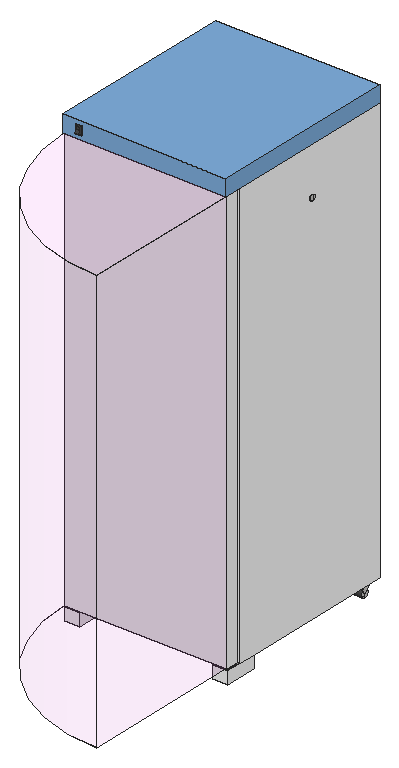
Revit family "QF_Summit_ACR1321W_24_Wide_Upright_Healthcare_Refrigerator", category Specialty Equipment, Revit 2020
Family settings
  Round Connector Dimension = Use Diameter
  Part Type = Normal
  Work Plane-Based = No
  Always vertical = Yes
  Cut with Voids When Loaded = No
  Shared = No
  Room Calculation Point = No
Parameters
  Weight in Pounds = 130
  Watts = Volts * FL Amps  # 230 W
  Volts = 115 V
  URL Cutsheet = ""
  Specification by User = ""
  Specification by Manufacturer = ""
  Show Right Hand Door [instance] = yes
  Show Left Hand Door [instance] = not(Show Right Hand Door)  # no
  Show Clearance [instance] = yes
  Serial Number = ""
  Seismic Rating = ""
  SMACNA No = ""
  Revision Code = ""
  Refrigerant Type = "R600a"
  Phase = 1
  Number of Poles = 1
  NAFEM Spec ID Number = ""
  Model = "ACR1321W"
  Min Ckt Ampacity = 0 A
  Max Overcurrent Protection = 0 A
  Masterspec = ""
  Manufacturer = "Summit"
  Length = 23.38"
  Item Number = ""
  Installed By = ""
  Identify Quantity as Lot = yes
  Height = 64.88"
  HP = ""
  Furnished By = ""
  Foodservice Equipment Identifier = yes
  FL Amps = 2 A
  Electrical Remarks = ""
  Electric Connection Type = ""
  Elec Conn RI Height = 0"
  Elec Conn Connection Height = 0"
  Description = "24\" Wide Upright Healthcare Refrigerator"
  Depth = 28 1/8"
  Default Elevation = 0"
  Cycle = 60 Hz
  Conn Plug = ""
  Conn Conduit = yes
  CSI MasterFormat = ""
  Apparent Power = 0 VA
Reference planes (in)
  plane 1 "BACK": y = 0
  plane 2: z = 0
  plane 3 "LEFT": x = 0
  plane 4 "RIGHT": x = 23.38
  plane 5 "FRONT": y = -28.125
  plane 6 "TOP": z = 64.88
  plane 7 "Center Y": x = 11.69
  plane 8 "Center X": y = -14.0625
Forms (in)
  Extrusion 1, solid, material "QF_Plastic_Light_Blue_Smooth"
    sketch origin (-38.39759, -180, 64.88) x (-1, 0, 0) y (0, -1, 0)
      loop
        line (-38.39759, -151.875) -> (-61.77759, -151.875) -> (-61.77759, -179.25) -> (-38.39759, -179.25) -> (-38.39759, -151.875)
    from 0 to -2.375
  Extrusion 2, solid, material "QF_Plastic_White_Smooth"
    sketch origin (0, 0, 0) x (0, 1, 0) y (0, 0, 1)
      loop
        line (-25.75, 62.505) -> (-25.75, 1.74779) -> (-0.75, 1.74779) -> (-0.75, 62.505) -> (-25.75, 62.505)
    from 0 to 23.38
  Extrusion 3, solid, material "QF_Plastic_White_Smooth"
    sketch origin (0, -19.875, 5) x (1, 0, 0) y (0, -1, 0)
      loop
        line (0.625, 6.375) -> (0.625, 5.875) -> (22.755, 5.875) -> (22.755, 6.375) -> (0.625, 6.375)
    from 2.50221 to -57
  Extrusion 4, solid, material "QF_Metal_Stainless_Polished"
    sketch origin (0, -0.75, 63.47492) x (0, 0, -1) y (-1, 0, 0)
      loop
        circle (59.94625, -22.29558) r 0.25
    from 0 to 0.03125
  Revolve 5, solid, material "QF_Metal_Stainless_Polished"
    sketch origin (0, -13, 49.00076) x (0, 0, 1) y (1, 0, 0)
      loop
        line (7.24924, 23.38) -> (7.24924, 23.63) -> (6.87424, 23.63) -> (6.87424, 23.38) -> (7.24924, 23.38)
      axis (6.87424, 23.38) -> (6.87424, 23.63)
    angle from 0 to 360
  Extrusion 6, solid, material "QF_Metal_Stainless_Polished"
    sketch origin (2.75, -5.78899, 48) x (0, -1, 0) y (0, 0, 1)
      loop
        line (-5.03899, 8.12953) -> (-5.78899, 8.12953) -> (-5.78899, -35.36826) -> (-5.03899, -35.36826) -> (-5.03899, 8.12953)
    from 0 to -18
  Extrusion 7, solid, material "QF_Plastic_White_Smooth"
    sketch origin (23.5, 0, 0) x (0, 1, 0) y (0, 0, -1)
      loop
        line (-23.25, -1.74779) -> (-23.25, 0) -> (-27.75, 0) -> (-27.75, -1.74779) -> (-23.25, -1.74779)
    from 0.12 to 2.375
  Extrusion 8, solid, material "QF_Plastic_White_Smooth"
    sketch origin (-0.12, 0, 0) x (0, 1, 0) y (0, 0, 1)
      loop
        line (-23.25, 1.74779) -> (-27.75, 1.74779) -> (-27.75, 0) -> (-23.25, 0) -> (-23.25, 1.74779)
    from 0.12 to 2.375
  Extrusion 9, solid, material "QF_Metal_Stainless_Polished"
    sketch origin (-2.83942, -28.125, 41.625) x (1, 0, 0) y (0, 0, 1)
      loop
        line (4.83942, 22.77799) -> (4.83942, 21.52799) -> (5.58942, 21.52799) -> (5.58942, 22.77799) -> (4.83942, 22.77799)
    from 0 to 0.06284
  Extrusion 10, solid, material "QF_Metal_Stainless_Polished"
    sketch origin (2.375, -187.125, 75.27299) x (0, 0, -1) y (0, -1, 0)
      loop
        line (11.495, -158.93716) -> (11.89901, -158.93716) -> (11.89901, -158.67814) -> (11.495, -158.86654) -> (11.09362, -158.86654) -> (11.09362, -158.93716) -> (11.495, -158.93716)
    from -0.28042 to 0.28363
Lines and regions (in)
  Split face 1
    outline origin (4.56, -28.125, 62.7575) x (0, 0, 1) y (-1, 0, 0)
      loop
        circle (0.9766, -7.13) r 0.5
  Split face 2
    outline origin (4.56, -28.125, 62.7575) x (0, 0, 1) y (-1, 0, 0)
      loop
        circle (0.9766, -7.13) r 0.25
  Split face 3
    outline origin (4.5, -28.125, 62.195) x (0, 0, 1) y (-1, 0, 0)
      loop
        line (2.10399, -11.23542) -> (0.85399, -11.23542) -> (0.85399, -14.48542) -> (2.10399, -14.48542) -> (2.10399, -11.23542)
  Split face 4
    outline origin (4.5, -28.125, 61.945) x (0, 0, 1) y (-1, 0, 0)
      loop
        line (2.60301, -14.95537) -> (0.85497, -14.95537) -> (0.85497, -18.45537) -> (2.60301, -18.45537) -> (2.60301, -14.95537)
  Split face 5
    outline origin (4.5, -28.125, 61.945) x (0, 0, 1) y (-1, 0, 0)
      loop
        line (2.33838, -15.41838) -> (1.08838, -15.41838) -> (1.08838, -18.01344) -> (2.33838, -18.01344) -> (2.33838, -15.41838)
  symbolic lines
    curve 1: line (0, -0.75, 0) -> (23.38, -0.75, 0)
    curve 2: line (0, -28.125, 0) -> (0, -0.75, 0)
    curve 3: line (23.38, -28.125, 0) -> (0, -28.125, 0)
    curve 4: line (23.38, -0.75, 0) -> (23.38, -28.125, 0)
    curve 5: line (2.75, 0, 0) -> (2.75, -0.75, 0)
    curve 6: line (20.75, 0, 0) -> (2.75, 0, 0)
    curve 7: line (20.75, -0.75, 0) -> (20.75, 0, 0)
    curve 8: line (11.315, -28.15625, 0) -> (11.315, -28.125, 0)
    curve 9: line (12.065, -28.15625, 0) -> (12.065, -28.125, 0)
    curve 10: line (12.065, -28.15625, 0) -> (11.315, -28.15625, 0)
    curve 11: line (2, -28.125, 0) -> (2, -28.18784, 0)
    curve 12: line (2, -28.18784, 0) -> (2.75, -28.18784, 0)
    curve 13: line (2.75, -28.18784, 0) -> (2.75, -28.125, 0)
    curve 14: line (2.09137, -28.18784, 0) -> (2.09137, -28.44686, 0)
    curve 15: line (2.65542, -28.44686, 0) -> (2.65542, -28.18784, 0)
    curve 16: line (2.65542, -28.44686, 0) -> (2.09137, -28.44686, 0)
    curve 17: line (2.09137, -28.25846, 0) -> (2.65542, -28.25846, 0)
Dimensions and locks (in)
  equal spacing: plane 3 "LEFT", plane 7 "Center Y", plane 4 "RIGHT"
  "Length": plane 3 "LEFT" to plane 4 "RIGHT"
  equal spacing: plane 5 "FRONT", plane 8 "Center X", plane 1 "BACK"
  "Depth": plane 5 "FRONT" to plane 1 "BACK"
  "Height": plane 6 "TOP" to level
  aligned and locked: level to plane 2
Automatic sketch dimensions
  Extrusion 1 sketch curve to plane 4 "RIGHT" = 0"
  Extrusion 1 sketch curve to plane 3 "LEFT" = 0"
  plane 5 "FRONT" to Extrusion 1 sketch curve = 0"
  plane 1 "BACK" to Extrusion 1 sketch curve = 3/4"
  Extrusion 2 sketch curve to plane 5 "FRONT" = 2 3/8"
  plane 1 "BACK" to Extrusion 2 sketch curve = 3/4"
  level to Extrusion 2 sketch curve = 1.74779"
  Extrusion 2 sketch curve to plane 6 "TOP" = 2 3/8"
  plane 3 "LEFT" to Extrusion 3 sketch curve = 5/8"
  plane 4 "RIGHT" to Extrusion 3 sketch curve = 5/8"
  Extrusion 3 sketch curve to plane 5 "FRONT" = 1 7/8"
  Extrusion 3 sketch curve to Extrusion 3 sketch curve = 1/2"
  Extrusion 2 to Extrusion 4 sketch curve = 1.78088"
  Extrusion 2 to Extrusion 4 sketch curve = 1.08442"
  plane 4 "RIGHT" to Revolve 5 sketch curve = 0"  (x2)
  Revolve 5 sketch curve to plane 6 "TOP" = 9.005"
  Revolve 5 sketch curve to Revolve 5 sketch curve = 3/8"
  Revolve 5 sketch curve to plane 4 "RIGHT" = 1/4"
  Revolve 5 sketch curve to Revolve 5 sketch curve = 0"
  Revolve 5 sketch curve to plane 4 "RIGHT" = 0.09237"
  Extrusion 6 sketch curve to plane 1 "BACK" = 0"
  plane 1 "BACK" to Extrusion 6 sketch curve = 3/4"
  level to Extrusion 6 sketch curve = 12.63174"
  Extrusion 6 sketch curve to plane 6 "TOP" = 8.75047"
  Extrusion 7 sketch curve to level = 0"
  Extrusion 7 sketch curve to plane 5 "FRONT" = 3/8"
  Extrusion 7 sketch curve to Extrusion 7 sketch curve = 4 1/2"
  level to Extrusion 7 sketch curve = 1.74779"
  Extrusion 8 sketch curve to level = 0"
  Extrusion 8 sketch curve to plane 5 "FRONT" = 3/8"
  Extrusion 8 sketch curve to Extrusion 8 sketch curve = 4 1/2"
  level to Extrusion 8 sketch curve = 1.74779"
  Split face 1 sketch curve to Extrusion 1 = 1.1459"
  Split face 1 sketch curve to Extrusion 1 = 11.69"
  Split face 2 sketch curve to Extrusion 1 = 1.1459"
  Split face 2 sketch curve to Extrusion 1 = 11.69"
  Split face 3 sketch curve to Extrusion 1 = 0.54399"
  Split face 3 sketch curve to Extrusion 1 = 0.58101"
  Split face 3 sketch curve to Extrusion 1 = 4.39458"
  Split face 3 sketch curve to Split face 3 sketch curve = 3 1/4"
  Split face 4 sketch curve to Extrusion 1 = 0.29497"
  Split face 4 sketch curve to Extrusion 1 = 0.33199"
  Split face 4 sketch curve to Extrusion 1 = 0.42463"
  Split face 4 sketch curve to Split face 4 sketch curve = 3 1/2"
  Split face 5 sketch curve to Extrusion 1 = 0.52838"
  Split face 5 sketch curve to Extrusion 1 = 0.59662"
  Split face 5 sketch curve to Extrusion 1 = 0.86656"
  Split face 5 sketch curve to Split face 5 sketch curve = 2.59507"
  plane 3 "LEFT" to Extrusion 9 sketch curve = 2"
  Extrusion 9 sketch curve to Extrusion 9 sketch curve = 3/4"
  Extrusion 9 sketch curve to plane 6 "TOP" = 1.72701"
  Extrusion 9 sketch curve to plane 6 "TOP" = 0.47701"
  plane 5 "FRONT" to Extrusion 10 sketch curve = 0.13346"
  Extrusion 10 sketch curve to plane 6 "TOP" = 0.70063"
  plane 5 "FRONT" to Extrusion 10 sketch curve = 0.06284"
  Extrusion 10 sketch curve to Extrusion 10 sketch curve = 0.40138"
  Extrusion 10 sketch curve to Extrusion 10 sketch curve = 0"
  Extrusion 10 sketch curve to Extrusion 10 sketch curve = 0.40401"
  Extrusion 10 sketch curve to Extrusion 10 sketch curve = 0.25902"
  curve 3 to plane 3 "LEFT" = 0"
  plane 5 "FRONT" to curve 11 = 0"
  plane 1 "BACK" to curve 5 = 0"
  curve 4 to plane 4 "RIGHT" = 0"
  plane 5 "FRONT" to curve 11 = 0.06284"
  plane 3 "LEFT" to curve 11 = 2"
  curve 11 to curve 14 = 0.09137"
  plane 5 "FRONT" to curve 16 = 0.32186"
  curve 14 to curve 16 = 0.56404"
  plane 3 "LEFT" to curve 5 = 2 3/4"
  curve 15 to curve 13 = 0.09458"
  plane 5 "FRONT" to curve 8 = 1/32"
  curve 8 to plane 7 "Center Y" = 3/8"
  plane 7 "Center Y" to curve 10 = 3/8"
  plane 4 "RIGHT" to curve 7 = 2.63"
  plane 1 "BACK" to curve 1 = 3/4"
  curve 17 to curve 14 = 0.07062"
  radius of Extrusion 4 sketch curve = 1/4"
  radius of Split face 1 sketch curve = 1/2"
  radius of Split face 2 sketch curve = 1/4"
Nested families (in)
  nested 1: "RHD AND LHD" at (0.065, -26.125, 0.26038), Show Clearance <- "Show Clearance", Show Left Hand Door <- "Show Left Hand Door", Show Right Hand Door <- "Show Right Hand Door", type "RHD AND LHD"
    with Show Right Hand Door yes, Show Left Hand Door no, Show Clearance yes, Right Hand Door yes, Left Hand Door no, Clearance yes
  nested 2: "2 INCHES_CASTER" at (22.3125, -3.21818, 0), type "2 INCHES_CASTER"
    with Type Mark "", Specification by User "", Revision Code "", Item Number "", Installed By "", Identify Quantity as Lot yes, Furnished By "", Foodservice Equipment Identifier yes, 2.5 Inches Caster yes
  nested 3: "2 INCHES_CASTER" at (1.1875, -3.21818, 0) x (-1, 0, 0) z (0, 0, 1), type "2 INCHES_CASTER"
    with Type Mark "", Specification by User "", Revision Code "", Item Number "", Installed By "", Identify Quantity as Lot yes, Furnished By "", Foodservice Equipment Identifier yes, 2.5 Inches Caster yes
Connectors (in)
  electrical at (22.29558, -0.71875, 3.52867), driven by "Volts", driven by "Watts"
    settings: on Extrusion 4, index 1, voltage 115 V, apparent load 230 VA, apparent load phase1 0 VA, apparent load phase2 0 VA, apparent load phase3 0 VA, power factor 1, load classification "Other", number of poles 1, system type 30, power factor state 1, is connector primary yes, connector utility no, sub classification motor no, connector description "ELECTRICAL CONNECTION"
Definition of nested family "RHD AND LHD"
  Parameters (values of type "RHD AND LHD")
    Weight in Pounds = 0
    URL Cutsheet = ""
    Specification by User = ""
    Specification by Manufacturer = ""
    Show Right Hand Door [instance] = yes
    Show Left Hand Door [instance] = yes
    Show Clearance [instance] = yes
    Serial Number = ""
    Seismic Rating = ""
    SMACNA No = ""
    Right Hand Door [instance] = Show Right Hand Door  # yes
    Revision Code = ""
    NAFEM Spec ID Number = ""
    Masterspec = ""
    Length = 23 1/4"
    Left Hand Door [instance] = Show Left Hand Door  # yes
    Item Number = ""
    Installed By = ""
    Identify Quantity as Lot = yes
    Height = 53.13"
    Furnished By = ""
    Foodservice Equipment Identifier = yes
    Depth = 1 3/4"
    Default Elevation = 0"
    Clearance [instance] = Show Clearance  # yes
    CSI MasterFormat = ""
  Reference planes (in)
    plane 1 "BACK": y = 0
    plane 2: z = 0
    plane 3 "LEFT": x = 0
    plane 4 "RIGHT": x = 23.25
    plane 5 "FRONT": y = -1.75
    plane 6 "TOP": z = 53.13
    plane 7 "Center Y": x = 11.625
    plane 8 "Center X": y = -0.875
  Dimensions and locks (in)
    equal spacing: plane 3 "LEFT", plane 7 "Center Y", plane 4 "RIGHT"
    "Length": plane 3 "LEFT" to plane 4 "RIGHT"
    equal spacing: plane 5 "FRONT", plane 8 "Center X", plane 1 "BACK"
    "Depth": plane 5 "FRONT" to plane 1 "BACK"
    "Height": plane 6 "TOP" to level
    aligned and locked: level to plane 2
  Nested families (in)
    nested 1: "RHD" at (0, 0, 0), Show Clearance <- "Show Clearance", Show Right Hand Door <- "Right Hand Door", visible <- "Right Hand Door", type "RHD"
      with Show Right Hand Door yes, Show Clearance yes, Right Hand Door yes, Clearance yes
    nested 2: "LHD" at (0, 0, 0), Show Clearance <- "Show Clearance", Show Left Hand Door <- "Left Hand Door", visible <- "Left Hand Door", type "LHD"
      with Show Left Hand Door yes, Show Clearance yes, Right Hand Door yes, Left Hand Door yes, Clearance yes
  Definition of nested family "RHD"
    Parameters (values of type "RHD")
      Weight in Pounds = 0
      URL Cutsheet = ""
      Specification by User = ""
      Specification by Manufacturer = ""
      Show Right Hand Door [instance] = yes
      Show Clearance [instance] = yes
      Serial Number = ""
      Seismic Rating = ""
      SMACNA No = ""
      Right Hand Door [instance] = Show Right Hand Door  # yes
      Revision Code = ""
      NAFEM Spec ID Number = ""
      Masterspec = ""
      Length = 23 1/4"
      Item Number = ""
      Installed By = ""
      Identify Quantity as Lot = yes
      Height = 64 225/256"
      Furnished By = ""
      Foodservice Equipment Identifier = yes
      Depth = 1 3/4"
      Default Elevation = 0"
      Clearance [instance] = Show Clearance  # yes
      CSI MasterFormat = ""
    Reference planes (in)
      plane 1 "BACK": y = 0
      plane 2: z = 0
      plane 3 "LEFT": x = 0
      plane 4 "RIGHT": x = 23.25
      plane 5 "FRONT": y = -1.75
      plane 6 "TOP": z = 64.87891
      plane 7 "Center Y": x = 11.625
      plane 8 "Center X": y = -0.875
      plane 9: z = 1.5
      plane 10: z = 62.50391
    Forms (in)
      Extrusion 1, solid, visible <- "Right Hand Door"
        sketch origin (-2.76448, -1.75, 48) x (-1, 0, 0) y (0, 0, 1)
          loop
            line (-2.82698, 14.12891) -> (-25.95198, 14.12891) -> (-25.95198, -46.24611) -> (-2.82698, -46.24611) -> (-2.82698, 14.12891)
        from 0 to 1.75
      Extrusion 2, solid, visible <- "Right Hand Door"
        sketch origin (0, -0.25, 20.0639) x (0, 1, 0) y (0, 0, 1)
          loop
            arc (0.125, 15.6275) -> (0.05178, 15.80428) -> (-0.125, 15.8775) r 0.25
            line (-0.125, 15.8775) -> (-1.125, 15.8775)
            arc (-1.125, 15.8775) -> (-1.30178, 15.80428) -> (-1.375, 15.6275) r 0.25
            line (-1.375, 15.6275) -> (-1.375, 8.1275)
            arc (-1.375, 8.1275) -> (-1.30178, 7.95072) -> (-1.125, 7.8775) r 0.25
            line (-1.125, 7.8775) -> (-0.125, 7.8775)
            arc (-0.125, 7.8775) -> (0.05178, 7.95072) -> (0.125, 8.1275) r 0.25
            line (0.125, 8.1275) -> (0.125, 15.6275)
          loop
            arc (-0.125, 15.12512) -> (-0.625, 15.62512) -> (-1.125, 15.12512) r 0.5
            line (-1.125, 15.12512) -> (-1.125, 8.6275)
            arc (-1.125, 8.6275) -> (-0.625, 8.1275) -> (-0.125, 8.6275) r 0.5
            line (-0.125, 8.6275) -> (-0.125, 15.12512)
        from 0 to 0.0625
      Extrusion 3, void
        sketch origin (0, -0.25, 20.0639) x (0, 1, 0) y (0, 0, 1)
          loop
            line (-0.125, 8.6275) -> (-0.125, 15.12512)
            arc (-0.125, 15.12512) -> (-0.625, 15.62512) -> (-1.125, 15.12512) r 0.5
            line (-1.125, 15.12512) -> (-1.125, 8.6275)
            arc (-1.125, 8.6275) -> (-0.625, 8.1275) -> (-0.125, 8.6275) r 0.5
        from 0 to 0.33876
      Extrusion 4, solid, visible <- "Clearance"
        sketch origin (23.1875, -1.75, 1.75389) x (0, 1, 0) y (1, 0, 0)
          loop
            line (0, -23.125) -> (0, 0) -> (-23.125, 0)
            arc (-23.125, 0) -> (-16.35184, -16.35184) -> (0, -23.125) r 23.125
        from 0 to -60.37501
      Revolve 5, solid, visible <- "Right Hand Door"
        sketch origin (22.75, -163.625, 20.255) x (0, 0, 1) y (0, -1, 0)
          loop
            line (41.87391, -162.75) -> (41.87391, -163) -> (41.98962, -163) -> (41.98962, -162.75) -> (41.87391, -162.75)
          axis (41.98962, -162.75) -> (41.87391, -162.75)
        angle from 0 to 360
      Extrusion 6, solid, visible <- "Right Hand Door"
        sketch origin (18.75, 0.5, 1.50389) x (-1, 0, 0) y (0, 0, -1)
          loop
            line (-3.5625, -0.15066) -> (-3.5625, -0.08986) -> (-4.4375, -0.08986) -> (-4.4375, -0.15066) -> (-3.5625, -0.15066)
        from 0 to 1.84933
      Revolve 7, solid, visible <- "Right Hand Door"
        sketch origin (22.75, -163.625, 1.75389) x (0, 0, 1) y (0, -1, 0)
          loop
            line (-0.09934, -162.75) -> (-0.09934, -163) -> (0, -163) -> (0, -162.75) -> (-0.09934, -162.75)
          axis (0, -162.75) -> (-0.09934, -162.75)
        angle from 0 to 360
    Cuts and joins
      Extrusion 3 cuts Extrusion 1
      Extrusion 3 cuts Extrusion 2
    Lines and regions (in)
      symbolic lines, visible <- "Clearance"
        curve 1: arc (3.26979, -13.49949, 0) -> (0.87873, -7.83969, 0) -> (0.0625, -1.75, 0) r 23.125
        curve 2: line (23.1875, -2, 0) -> (3.26979, -13.49949, 0)
    Dimensions and locks (in)
      equal spacing: plane 3 "LEFT", plane 7 "Center Y", plane 4 "RIGHT"
      "Length": plane 3 "LEFT" to plane 4 "RIGHT"
      equal spacing: plane 5 "FRONT", plane 8 "Center X", plane 1 "BACK"
      "Depth": plane 5 "FRONT" to plane 1 "BACK"
      "Height": plane 6 "TOP" to level
      plane 10 to Revolve 5 = 0.25929"
      aligned and locked: level to plane 2
    Automatic sketch dimensions
      plane 4 "RIGHT" to Extrusion 1 sketch curve = 1/16"
      plane 3 "LEFT" to Extrusion 1 sketch curve = 1/16"
      level to Extrusion 1 sketch curve = 1 193/256"
      Extrusion 1 sketch curve to plane 6 "TOP" = 2 3/4"
      Extrusion 2 sketch curve to Extrusion 2 sketch curve = 1/4"  (x3)
      Extrusion 2 sketch curve to Extrusion 2 sketch curve = 1/2"  (x3)
      Extrusion 2 sketch curve to Extrusion 2 sketch curve = 0"  (x2)
      level to Extrusion 2 sketch curve = 27 241/256"
      Extrusion 2 sketch curve to Extrusion 2 sketch curve = 6.49762"
      Extrusion 2 sketch curve to Extrusion 2 sketch curve = 0.50238"
      Extrusion 3 sketch curve to Extrusion 3 sketch curve = 1/2"
      level to Extrusion 3 sketch curve = 28 177/256"
      Extrusion 3 sketch curve to Extrusion 3 sketch curve = 6.49762"
      Extrusion 4 sketch curve to Extrusion 1 = 0"  (x2)
      Extrusion 1 to Extrusion 4 sketch curve = 0"
      Extrusion 2 sketch curve to plane 5 "FRONT" = 1/8"
      Extrusion 3 sketch curve to plane 5 "FRONT" = 3/8"
      Revolve 5 sketch curve to plane 8 "Center X" = 0"  (x2)
      Revolve 5 sketch curve to plane 6 "TOP" = 2 3/4"
      Revolve 5 sketch curve to Revolve 5 sketch curve = 0.11571"
      Revolve 5 sketch curve to Revolve 5 sketch curve = 1/4"
      Revolve 5 sketch curve to Revolve 5 sketch curve = 0.12043"
      Revolve 5 sketch curve to Revolve 5 sketch curve = 0.00929"
      plane 4 "RIGHT" to Extrusion 6 sketch curve = 1/16"
      Extrusion 6 sketch curve to Extrusion 6 sketch curve = 7/8"
      level to Extrusion 6 sketch curve = 1.65455"
      Extrusion 6 sketch curve to Extrusion 6 sketch curve = 0.0608"
      Revolve 7 sketch curve to plane 8 "Center X" = 0"  (x2)
      level to Revolve 7 sketch curve = 1.65455"
      Revolve 7 sketch curve to Revolve 7 sketch curve = 0.09934"
      Revolve 7 sketch curve to Revolve 7 sketch curve = 1/4"
      Revolve 7 sketch curve to Revolve 7 sketch curve = 0.03038"
      Revolve 7 sketch curve to Revolve 7 sketch curve = 0"
      plane 5 "FRONT" to curve 1 = 0"
      plane 4 "RIGHT" to curve 1 = 1/16"
      plane 4 "RIGHT" to curve 2 = 1/16"
      plane 3 "LEFT" to curve 2 = 3.26979"
      plane 3 "LEFT" to curve 1 = 1/16"
      curve 2 to curve 1 = 1/4"
  Definition of nested family "LHD"
    Parameters (values of type "LHD")
      Weight in Pounds = 0
      URL Cutsheet = ""
      Specification by User = ""
      Specification by Manufacturer = ""
      Show Left Hand Door [instance] = yes
      Show Clearance [instance] = yes
      Serial Number = ""
      Seismic Rating = ""
      SMACNA No = ""
      Right Hand Door [instance] = yes
      Left Hand Door [instance] = Show Left Hand Door  # yes
      Revision Code = ""
      NAFEM Spec ID Number = ""
      Masterspec = ""
      Length = 23 1/4"
      Item Number = ""
      Installed By = ""
      Identify Quantity as Lot = yes
      Height = 64 225/256"
      Furnished By = ""
      Foodservice Equipment Identifier = yes
      Depth = 1 3/4"
      Default Elevation = 0"
      Clearance [instance] = Show Clearance  # yes
      CSI MasterFormat = ""
    Reference planes (in)
      plane 1 "BACK": y = 0
      plane 2: z = 0
      plane 3 "LEFT": x = 0
      plane 4 "RIGHT": x = 23.25
      plane 5 "FRONT": y = -1.75
      plane 6 "TOP": z = 64.87891
      plane 7 "Center Y": x = 11.625
      plane 8 "Center X": y = -0.875
      plane 9: z = 1.5
      plane 10: z = 1.59375
      plane 11: z = 62.50391
    Forms (in)
      Extrusion 1, solid, visible <- "Left Hand Door"
        sketch origin (-2.76448, -1.75, 48) x (-1, 0, 0) y (0, 0, 1)
          loop
            line (-2.82698, 14.129) -> (-25.95198, 14.129) -> (-25.95198, -46.24611) -> (-2.82698, -46.24611) -> (-2.82698, 14.129)
        from 0 to 1.75
      Extrusion 2, solid, visible <- "Left Hand Door"
        sketch origin (23.1875, -1.75, 45.81645) x (0, 0, -1) y (0, 1, 0)
          loop
            arc (10.12501, 1.625) -> (9.94823, 1.55178) -> (9.87501, 1.375) r 0.25
            line (9.87501, 1.375) -> (9.87501, 0.375)
            arc (9.87501, 0.375) -> (9.94823, 0.19822) -> (10.12501, 0.125) r 0.25
            line (10.12501, 0.125) -> (17.62501, 0.125)
            arc (17.62501, 0.125) -> (17.80178, 0.19822) -> (17.87501, 0.375) r 0.25
            line (17.87501, 0.375) -> (17.87501, 1.375)
            arc (17.87501, 1.375) -> (17.80178, 1.55178) -> (17.62501, 1.625) r 0.25
            line (17.62501, 1.625) -> (10.12501, 1.625)
          loop
            arc (10.62739, 1.375) -> (10.12739, 0.875) -> (10.62739, 0.375) r 0.5
            line (10.62739, 0.375) -> (17.12501, 0.375)
            arc (17.12501, 0.375) -> (17.62501, 0.875) -> (17.12501, 1.375) r 0.5
            line (17.12501, 1.375) -> (10.62739, 1.375)
        from 0 to 0.0625
      Extrusion 3, solid, visible <- "Clearance"
        sketch origin (2.21303, -1.75, 2.0025) x (0, -1, 0) y (-1, 0, 0)
          loop
            line (0, 2.15053) -> (0, -20.97447)
            arc (0, -20.97447) -> (16.35184, -14.20131) -> (23.125, 2.15053) r 23.125
            line (23.125, 2.15053) -> (0, 2.15053)
        from 0.24861 to -60.1265
      Extrusion 4, void
        sketch origin (23.1875, -1.75, 62.20962) x (0, 0, 1) y (0, 1, 0)
          loop
            arc (-27.02056, 0.375) -> (-26.52056, 0.875) -> (-27.02056, 1.375) r 0.5
            line (-27.02056, 1.375) -> (-33.51818, 1.375)
            arc (-33.51818, 1.375) -> (-34.01818, 0.875) -> (-33.51818, 0.375) r 0.5
            line (-33.51818, 0.375) -> (-27.02056, 0.375)
        from 0 to 0.68518
      Extrusion 5, solid, visible <- "Left Hand Door"
        sketch origin (1, 0.5, 1.50389) x (-1, 0, 0) y (0, 0, -1)
          loop
            line (0.9375, -0.15066) -> (0.9375, -0.08986) -> (0.0625, -0.08986) -> (0.0625, -0.15066) -> (0.9375, -0.15066)
        from 0 to 1.84933
      Revolve 6, solid, visible <- "Left Hand Door"
        sketch origin (0.5, -163.625, 1.75389) x (0, 0, 1) y (0, -1, 0)
          loop
            line (-0.09934, -162.75) -> (-0.09934, -163) -> (0, -163) -> (0, -162.75) -> (-0.09934, -162.75)
          axis (0, -162.75) -> (-0.09934, -162.75)
        angle from 0 to 360
      Revolve 7, solid, visible <- "Right Hand Door"
        sketch origin (0.5007, -163.625, 20.255) x (0, 0, 1) y (0, 1, 0)
          loop
            line (41.874, 162.75) -> (41.99891, 162.75) -> (41.99891, 163) -> (41.874, 163) -> (41.874, 162.75)
          axis (41.99891, 162.75) -> (41.874, 162.75)
        angle from 0 to 360
    Cuts and joins
      Extrusion 4 cuts Extrusion 1
    Lines and regions (in)
      symbolic lines, visible <- "Left Hand Door"
        curve 1: line (0.06419, -2.00098, 0) -> (19.98021, -13.49949, 0)
      symbolic lines
        curve 2: arc (23.1875, -1.75, 0) -> (22.37127, -7.83969, 0) -> (19.98021, -13.49949, 0) r 23.125
    Dimensions and locks (in)
      equal spacing: plane 3 "LEFT", plane 7 "Center Y", plane 4 "RIGHT"
      "Length": plane 3 "LEFT" to plane 4 "RIGHT"
      equal spacing: plane 5 "FRONT", plane 8 "Center X", plane 1 "BACK"
      "Depth": plane 5 "FRONT" to plane 1 "BACK"
      "Height": plane 6 "TOP" to level
      plane 11 to Revolve 7 = 1/4"
      aligned and locked: level to plane 2
    Automatic sketch dimensions
      plane 4 "RIGHT" to Extrusion 1 sketch curve = 1/16"
      plane 3 "LEFT" to Extrusion 1 sketch curve = 1/16"
      Extrusion 4 sketch curve to Extrusion 1 = 7/8"
      Extrusion 4 sketch curve to Extrusion 1 = 26.93755"
      Extrusion 4 sketch curve to Extrusion 4 sketch curve = 6.49762"
      Extrusion 4 sketch curve to Extrusion 1 = 3/8"
      plane 3 "LEFT" to Extrusion 5 sketch curve = 15/16"
      plane 3 "LEFT" to Extrusion 5 sketch curve = 1/16"
      Revolve 6 sketch curve to plane 8 "Center X" = 0"  (x2)
      Revolve 6 sketch curve to Revolve 6 sketch curve = 0.09934"
      Revolve 6 sketch curve to Revolve 6 sketch curve = 1/4"
      Revolve 6 sketch curve to Revolve 6 sketch curve = 0.03038"
      Revolve 6 sketch curve to Revolve 6 sketch curve = 0"
      Revolve 7 sketch curve to plane 8 "Center X" = 0"  (x2)
      Revolve 7 sketch curve to Revolve 7 sketch curve = 1/4"
      Revolve 7 sketch curve to Revolve 7 sketch curve = 0.12972"
      Revolve 7 sketch curve to Revolve 7 sketch curve = 0"
      Extrusion 1 sketch curve to plane 6 "TOP" = 2.74991"
      Revolve 7 sketch curve to plane 6 "TOP" = 2.74991"
      Revolve 7 sketch curve to Revolve 7 sketch curve = 0.12491"
      plane 5 "FRONT" to Extrusion 3 sketch curve = 0"
      plane 3 "LEFT" to Extrusion 3 sketch curve = 1/16"
      Extrusion 3 sketch curve to Extrusion 3 sketch curve = 23 1/8"
      plane 3 "LEFT" to curve 1 = 0.06419"
      plane 4 "RIGHT" to curve 1 = 3.26979"
      plane 5 "FRONT" to curve 1 = 0.25098"
      plane 5 "FRONT" to curve 2 = 0"
      plane 3 "LEFT" to curve 2 = 1/16"
      plane 4 "RIGHT" to curve 2 = 1/16"
      Extrusion 1 to Extrusion 2 sketch curve = 3/8"  (x3)
      Extrusion 1 to Extrusion 2 sketch curve = 26.18755"
      Extrusion 2 sketch curve to Extrusion 2 sketch curve = 1/4"  (x3)
      Extrusion 2 sketch curve to Extrusion 2 sketch curve = 0.50238"
      Extrusion 2 sketch curve to Extrusion 2 sketch curve = 6.49762"
      Extrusion 2 sketch curve to Extrusion 2 sketch curve = 1/2"  (x3)
      Extrusion 5 sketch curve to Extrusion 5 sketch curve = 0.0608"
      level to Extrusion 1 sketch curve = 1 193/256"
      level to Extrusion 5 sketch curve = 1.65455"
      level to Revolve 6 sketch curve = 1.65455"
Definition of nested family "2 INCHES_CASTER"
  Parameters (values of type "2 INCHES_CASTER")
    Weight = ""
    URL Manufacturer = ""
    URL Cutsheet = ""
    URL = ""
    Type Mark [instance] = ""
    Specification by User [instance] = ""
    Specification by Manufacturer = ""
    Serial Number = ""
    Seismic Rating = ""
    SMACNA No = ""
    Revision Code [instance] = ""
    Omniclass Number and Title = ""
    NAFEM Spec ID Number = ""
    Model = ""
    MasterSpec. = ""
    Manufacturer = ""
    Item Number [instance] = ""
    Installed By [instance] = ""
    Identify Quantity as Lot [instance] = yes
    Furnished By [instance] = ""
    Foodservice Equipment Identifier [instance] = yes
    Description = ""
    Default Elevation = 0"
    CSI MasterFormat = ""
    CSI Master Format = ""
    Assembly Code = ""
    2.5 Inches Caster [instance] = yes
  Reference planes (in)
    plane 1: z = 0
    plane 2 "RIGHT": x = 0
    plane 3 "FRONT": y = 0
    plane 4 "TOP": z = 1.75
  Forms (in)
    Revolve 1, solid, visible <- "2.5 Inches Caster"
      sketch origin (-1.93794, 0.46818, -1.0041) x (1, 0, 0) y (0, 0, 1)
        loop
          line (1.3915, 1.51374) -> (1.3915, 1.0041) -> (2.48438, 1.0041) -> (2.48438, 1.51374) -> (1.3915, 1.51374)
        axis (1.3915, 1.51374) -> (2.48438, 1.51374)
      angle from 0 to 360
    Extrusion 2, solid
      sketch origin (0.54644, 0.46818, 0.5) x (0, 0, -1) y (0, 1, 0)
        loop
          line (0, 0) -> (-1.25, 0.9375) -> (-1.25, -0.9375) -> (0, 0)
      from 0 to 0.0625
    Extrusion 3, solid
      sketch origin (-0.54644, 0.46818, 0.5) x (0, 0, -1) y (0, -1, 0)
        loop
          line (0, 0) -> (-1.25, 0.9375) -> (-1.25, -0.9375) -> (0, 0)
      from 0 to 0.0625
    Extrusion 4, solid
      sketch origin (-0.54644, 0.46818, 0.5) x (0, 0, 1) y (0, -1, 0)
        loop
          line (1.25, 0.9375) -> (0.80177, 0.60133)
          arc (0.80177, 0.60133) -> (1.03384, 0) -> (0.80177, -0.60133) r 0.89512
          line (0.80177, -0.60133) -> (1.25, -0.9375) -> (1.25, 0.9375)
      from 0 to 1.09287
  Cuts and joins
    joined: Extrusion 2, Extrusion 3, Extrusion 4
  Dimensions and locks (in)
    plane 4 "TOP" to level = 1 3/4"
    aligned and locked: level to plane 1
